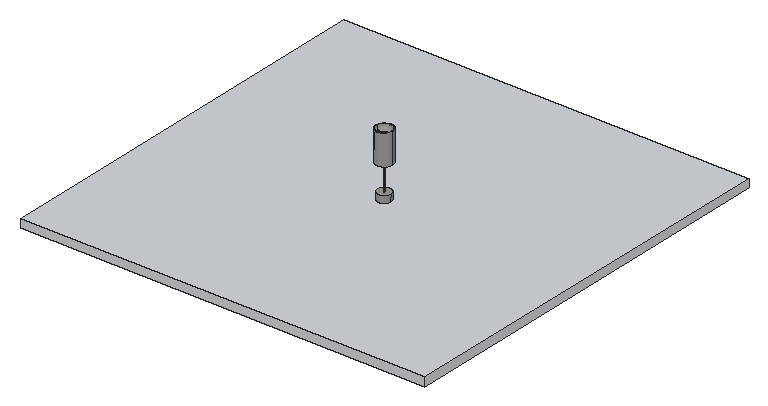
Revit family "LAMP_KOMBIC 100 SURFACE 2000 CRI80 OPAL DALI", category Luminarias, Revit 2018
Family settings
  Anfitrión = Cara
  Cota de conector redondo = Diámetro de uso
  Tipo de pieza = Normal
  Corte con vacíos al cargar = No
  Origen de luz = Sí
  Compartido = No
  Punto de cálculo de habitación = No
Parameters (values of type "1392LM 3000K DALI M/B")
  Ángulo de inclinación = -90.00°
  Weight = 0.72 kg
  UGR = ""
  Type = "COB PHILIPS"
  Protection rating = "IP40"
  Product datasheet = "http://www.lamp.es/product-files/TECH/K11SF2040OP830DMB-EN.pdf"
  Product code = "K11SF2040OP830DMB"
  Product URL = "https://www.lamp.es/en/family/kombic-surface_474354"
  Power Supply = "220-240V 50/60Hz"
  Power = 12 W
  Plum = 13.7 W
  Modelo = Product code  # "K11SF2040OP830DMB"
  Model explanation = "Possibility of chossing between surface or suspended within the model"
  Material reflector = LAMP_PC Reflector Kombic Metalizado Mate
  Material floron = LAMP_Plástico genérico NG
  Material difusor = LAMP_PMMA Difusor Kombic
  Material cuerpo = LAMP_Plástico genérico NG
  Material cable suspension = LAMP_Acero genérico
  Manufacturer name = "LAMP"
  Manufacturer country = "Spain"
  Manufacturer URL = "http://www.lamp.es/en"
  MacAdam = "3"
  Luminaire type = "Suspended"
  Last update = "23/07/2021"
  Lamp = "COB LED"
  LED Lifetime = "50.000 L80 B10"
  Insulation class = "I"
  Installation instructions = "https://www.lamp.es/product-files/packed/by-family/474354_INS_all.zip"
  IEE = "A+"
  Height suspension [instance] = 200 mm
  Height distance [instance] = if(Surface, 0.1 mm, if(Ceiling rose, if(Height suspension > 38 mm, if(Height suspension < 2000 mm, Height suspension, 2000 mm), 38 mm), 37 mm))  # 200 mm
  Wattage = 13.7 W
  built-in parameter 1150107 = 3000 (stored number, unit not read)
  Surface [instance] = no
  built-in parameter 1150110 = 1 (stored number, unit not read)
  built-in parameter 1150109 = 1 (stored number, unit not read)
  built-in parameter 1150112 = 1 (stored number, unit not read)
  built-in parameter 1150113 = 1 (stored number, unit not read)
  built-in parameter 1114218 = 1 (stored number, unit not read)
  built-in parameter 1150137 = (empty or 0)
  built-in parameter 1150132 = 2
  built-in parameter 1150105 = 1245.5 (stored number, unit not read)
  built-in parameter 1150102 = (empty or 0)
  built-in parameter 1150106 = 12.455 (stored number, unit not read)
  Height = 180 mm
  Gear = "Electronic"
  Lumens = 1391.92 lm
  Finish = "Matte black RAL 9011"
  Color Filter = 16777215
  built-in parameter 1114217 = 1 (stored number, unit not read)
  built-in parameter 1150139 = (empty or 0)
  Fabricante = Manufacturer name  # "LAMP"
  Default Elevation = 1219.2 mm
  built-in parameter 1150104 = 9.4389 (stored number, unit not read)
  Efficacy = 101.6 lm/W
  Diameter = 100 mm
  built-in parameter 1150115 = 1 (stored number, unit not read)
  built-in parameter 1150114 = 1 (stored number, unit not read)
  built-in parameter 1150138 = (empty or 0)
  built-in parameter 1150134 = (empty or 0)
  Ceiling rose [instance] = not(Surface)  # yes
  Dimming Lamp Color Temperature Shift = (empty or 0)
  CRI = "80"
  Archivo de red fotométrica = "K11SF2040OP830NMB.IES"
  built-in parameter 1150133 = 10 (stored number, unit not read)
Types (12, lengths in mm): name | Product datasheet | Product code | Modelo | Material reflector | Material floron | Material cuerpo | built-in parameter 1150107 | built-in parameter 1150105 | built-in parameter 1150106 | Lumens | Finish | built-in parameter 1150104 | Efficacy | built-in parameter 1150134 | Archivo de red fotométrica
  1392LM 3000K DALI M/B | "http://www.lamp.es/product-files/TECH/K11SF2040OP830DMB-EN.pdf" | "K11SF2040OP830DMB" | "K11SF2040OP830DMB" | LAMP_PC Reflector Kombic Metalizado Mate | LAMP_Plástico genérico NG | LAMP_Plástico genérico NG | 3000 (stored number, unit not read) | 1245.5 (stored number, unit not read) | 12.455 (stored number, unit not read) | 1391.92 lm | "Matte black RAL 9011" | 9.4389 (stored number, unit not read) | 101.6 lm/W | (empty or 0) | "K11SF2040OP830NMB.IES"
  1392LM 3000K DALI M/W | "http://www.lamp.es/product-files/TECH/K11SF2040OP830DMW-EN.pdf" | "K11SF2040OP830DMW" | "K11SF2040OP830DMW" | LAMP_PC Reflector Kombic Metalizado Mate | LAMP_Plástico genérico BL | LAMP_Plástico genérico BL | 3000 (stored number, unit not read) | 1245.5 (stored number, unit not read) | 12.455 (stored number, unit not read) | 1391.92 lm | "Matte Traffic white RAL 9016" | 9.4389 (stored number, unit not read) | 101.6 lm/W | (empty or 0) | "K11SF2040OP830NMW.IES"
  1454LM 3000K DALI W/B | "http://www.lamp.es/product-files/TECH/K11SF2040OP830DWB-EN.pdf" | "K11SF2040OP830DWB" | "K11SF2040OP830DWB" | LAMP_PC Reflector Kombic Blanco | LAMP_Plástico genérico NG | LAMP_Plástico genérico NG | 3000 (stored number, unit not read) | 1300.7 (stored number, unit not read) | 13.007 (stored number, unit not read) | 1453.57 lm | "Matte black RAL 9011" | 9.857 (stored number, unit not read) | 106.1 lm/W | (empty or 0) | "K11SF2040OP830NWB.IES"
  1454LM 3000K DALI W/W | "http://www.lamp.es/product-files/TECH/K11SF2040OP830DWW-EN.pdf" | "K11SF2040OP830DWW" | "K11SF2040OP830DWW" | LAMP_PC Reflector Kombic Blanco | LAMP_Plástico genérico BL | LAMP_Plástico genérico BL | 3000 (stored number, unit not read) | 1300.7 (stored number, unit not read) | 13.007 (stored number, unit not read) | 1453.57 lm | "Matte Traffic white RAL 9016" | 9.857 (stored number, unit not read) | 106.1 lm/W | (empty or 0) | "K11SF2040OP830NWW.IES"
  1460LM 3000K DALI BR/B | "http://www.lamp.es/product-files/TECH/K11SF2040OP830DRB-EN.pdf" | "K11SF2040OP830DRB" | "K11SF2040OP830DRB" | LAMP_PC Reflector Kombic Metalizado Brillante | LAMP_Plástico genérico NG | LAMP_Plástico genérico NG | 3000 (stored number, unit not read) | 1306.8 (stored number, unit not read) | 13.068 (stored number, unit not read) | 1460.42 lm | "Matte black RAL 9011" | 9.9035 (stored number, unit not read) | 106.6 lm/W | (empty or 0) | "K11SF2040OP830NRB.IES"
  1460LM 3000K DALI BR/W | "http://www.lamp.es/product-files/TECH/K11SF2040OP830DRW-EN.pdf" | "K11SF2040OP830DRW" | "K11SF2040OP830DRW" | LAMP_PC Reflector Kombic Metalizado Brillante | LAMP_Plástico genérico BL | LAMP_Plástico genérico BL | 3000 (stored number, unit not read) | 1306.8 (stored number, unit not read) | 13.068 (stored number, unit not read) | 1460.42 lm | "Matte Traffic white RAL 9016" | 9.9035 (stored number, unit not read) | 106.6 lm/W | (empty or 0) | "K11SF2040OP830NRW.IES"
  1474LM 4000K DALI M/B | "http://www.lamp.es/product-files/TECH/K11SF2040OP840DMB-EN.pdf" | "K11SF2040OP840DMB" | "K11SF2040OP840DMB" | LAMP_PC Reflector Kombic Metalizado Mate | LAMP_Plástico genérico NG | LAMP_Plástico genérico NG | 4000 (stored number, unit not read) | 1319.1 (stored number, unit not read) | 13.191 (stored number, unit not read) | 1474.12 lm | "Matte black RAL 9011" | 9.9964 (stored number, unit not read) | 107.6 lm/W | 12 | "K11SF2040OP840NMB.IES"
  1474LM 4000K DALI M/W | "http://www.lamp.es/product-files/TECH/K11SF2040OP840DMW-EN.pdf" | "K11SF2040OP840DMW" | "K11SF2040OP840DMW" | LAMP_PC Reflector Kombic Metalizado Mate | LAMP_Plástico genérico BL | LAMP_Plástico genérico BL | 4000 (stored number, unit not read) | 1319.1 (stored number, unit not read) | 13.191 (stored number, unit not read) | 1474.12 lm | "Matte Traffic white RAL 9016" | 9.9964 (stored number, unit not read) | 107.6 lm/W | 12 | "K11SF2040OP840NMW.IES"
  1541LM 4000K DALI W/B | "http://www.lamp.es/product-files/TECH/K11SF2040OP840DWB-EN.pdf" | "K11SF2040OP840DWB" | "K11SF2040OP840DWB" | LAMP_PC Reflector Kombic Blanco | LAMP_Plástico genérico NG | LAMP_Plástico genérico NG | 4000 (stored number, unit not read) | 1379.2 (stored number, unit not read) | 13.792 (stored number, unit not read) | 1541.25 lm | "Matte black RAL 9011" | 10.452 (stored number, unit not read) | 112.5 lm/W | 12 | "K11SF2040OP840NWB.IES"
  1541LM 4000K DALI W/W | "http://www.lamp.es/product-files/TECH/K11SF2040OP840DWW-EN.pdf" | "K11SF2040OP840DWW" | "K11SF2040OP840DWW" | LAMP_PC Reflector Kombic Blanco | LAMP_Plástico genérico BL | LAMP_Plástico genérico BL | 4000 (stored number, unit not read) | 1379.2 (stored number, unit not read) | 13.792 (stored number, unit not read) | 1541.25 lm | "Matte Traffic white RAL 9016" | 10.452 (stored number, unit not read) | 112.5 lm/W | 12 | "K11SF2040OP840NWW.IES"
  1547LM 4000K DALI BR/B | "http://www.lamp.es/product-files/TECH/K11SF2040OP840DRB-EN.pdf" | "K11SF2040OP840DRB" | "K11SF2040OP840DRB" | LAMP_PC Reflector Kombic Metalizado Brillante | LAMP_Plástico genérico NG | LAMP_Plástico genérico NG | 4000 (stored number, unit not read) | 1384.1 (stored number, unit not read) | 13.841 (stored number, unit not read) | 1546.73 lm | "Matte black RAL 9011" | 10.489 (stored number, unit not read) | 112.9 lm/W | 12 | "K11SF2040OP840NRB.IES"
  1547LM 4000K DALI BR/W | "http://www.lamp.es/product-files/TECH/K11SF2040OP840DRW-EN.pdf" | "K11SF2040OP840DRW" | "K11SF2040OP840DRW" | LAMP_PC Reflector Kombic Metalizado Brillante | LAMP_Plástico genérico BL | LAMP_Plástico genérico BL | 4000 (stored number, unit not read) | 1384.1 (stored number, unit not read) | 13.841 (stored number, unit not read) | 1546.73 lm | "Matte Traffic white RAL 9016" | 10.489 (stored number, unit not read) | 112.9 lm/W | 12 | "K11SF2040OP840NRW.IES"
Reference planes
  plane 1 "Centro (Frontal/Posterior)": y = 0
  plane 2: z = 0
  plane 3 "Centro (Izquierda/Derecha)": x = 0
Forms (mm)
  Extrusion 1, solid
    sketch origin (0, 0, 0) x (1, 0, 0) y (0, 1, 0)
      loop
        line (-1219.2, 1219.2) -> (-1219.2, -1219.2) -> (1219.2, -1219.2) -> (1219.2, 1219.2) -> (-1219.2, 1219.2)
    from 0 to -50
  Extrusion 2, solid, material "LAMP_Plástico genérico NG" <- "Material cuerpo"
    sketch origin (0, 0, 0) x (1, 0, 0) y (0, 1, 0)
      loop
        circle (0, 0) r 50
    from 200 to 380
  Extrusion 3, void
    sketch origin (0, 0, 0) x (1, 0, 0) y (0, 1, 0)
      loop
        circle (0, 0) r 48
    from 270.588 to 380
  Sweep 4, solid, material "LAMP_PC Reflector Kombic Metalizado Mate" <- "Material reflector"
    path origin (105.103, -251.845, 380) x (1, 0, 0) y (0, 1, 0)
      loop
        circle (-105.103, 251.959) r 48
    profile origin (0, 48.114, 380) x (0, -1, 0) y (0, 0, 1)
      loop
        arc (0, 0) -> (6.616, -20.646) -> (24, -33.6) r 35.52
        line (24, -33.6) -> (24, -32.6)
        arc (24, -32.6) -> (7.196, -20.217) -> (2, 0) r 31.112
        line (2, 0) -> (0, 0)
  Extrusion 5, solid, material "LAMP_PMMA Difusor Kombic" <- "Material difusor"
    sketch origin (0, 0, 0) x (1, 0, 0) y (0, 1, 0)
      loop
        circle (0, 0) r 24
    from 346.4 to 347.4
  Extrusion 6, solid, material "LAMP_Plástico genérico NG" <- "Material floron", visible <- "Ceiling rose"
    sketch origin (0, 0, 0) x (1, 0, 0) y (0, 1, 0)
      loop
        circle (0, 0) r 42
    from 0 to 37
  Extrusion 7, solid, material "LAMP_Acero genérico" <- "Material cable suspension", visible <- "Ceiling rose"
    sketch origin (0, 0, 0) x (1, 0, 0) y (0, 1, 0)
      loop
        circle (0, 0) r 1
    from 37 to 200
Cuts and joins
  Extrusion 3 cuts Extrusion 2
Text (mm)
  text "Any modification of the parameters and properties of the LAMP BIM models must be executed and validated by the LAMP technical department.\nPhone: +34 93 736 68 00\nE-mail: lamp@lamp.es\n\nLAMP reserves the right to modify the technical specifications of its products." at (1856.491, -4316.333, -2622.127), in view "Preview"
Dimensions and locks
  "Height distance": Extrusion 2 to Extrusion 1
  locked: Extrusion 2 to Extrusion 2 at 180
  locked: cut or joined group of Extrusion 2, Extrusion 3 to cut or joined group of Extrusion 2, Extrusion 3 at 109.412
  aligned and locked: plane 2 to Extrusion 1
  aligned and locked: level to Extrusion 1
  aligned and locked: Extrusion 2 to Extrusion 3
  aligned and locked: cut or joined group of Extrusion 2, Extrusion 3 to Sweep 4 sketch curve
  aligned and locked: Sweep 4 to Extrusion 5
  aligned and locked: Extrusion 5 to Sweep 4
  aligned and locked: Extrusion 7 to Extrusion 6
  aligned and locked: Extrusion 7 to cut or joined group of Extrusion 2, Extrusion 3
  aligned and locked: imposter light to cut or joined group of Extrusion 2, Extrusion 3
Automatic sketch dimensions
  Extrusion 1 sketch curve to Extrusion 1 sketch curve = 2438.4 mm  (x2)
  plane 1 "Centro (Frontal/Posterior)" to Extrusion 2 sketch curve = 0 mm
  Extrusion 2 sketch curve to plane 3 "Centro (Izquierda/Derecha)" = 0 mm
  plane 1 "Centro (Frontal/Posterior)" to Extrusion 3 sketch curve = 0 mm
  Extrusion 3 sketch curve to plane 3 "Centro (Izquierda/Derecha)" = 0 mm
  Sweep 4 sketch curve to Sweep 4 sketch curve = 2 mm
  Sweep 4 sketch curve to Sweep 4 sketch curve = 2.536 mm
  Sweep 4 sketch curve to Sweep 4 sketch curve = 2.814 mm
  Sweep 4 sketch curve to profile plane = 24 mm
  Sweep 4 sketch curve to Sweep 4 sketch curve = 8.984 mm
  Sweep 4 sketch curve to profile plane = 0 mm
  plane 1 "Centro (Frontal/Posterior)" to Extrusion 5 sketch curve = 0 mm
  Extrusion 5 sketch curve to plane 3 "Centro (Izquierda/Derecha)" = 0 mm
  plane 1 "Centro (Frontal/Posterior)" to Extrusion 6 sketch curve = 0 mm
  Extrusion 6 sketch curve to plane 3 "Centro (Izquierda/Derecha)" = 0 mm
  plane 1 "Centro (Frontal/Posterior)" to Extrusion 7 sketch curve = 0 mm
  Extrusion 7 sketch curve to plane 3 "Centro (Izquierda/Derecha)" = 0 mm
  radius of Extrusion 2 sketch curve = 50 mm
  radius of Extrusion 3 sketch curve = 48 mm
  radius of Sweep 4 sketch curve = 48 mm
  radius of Extrusion 5 sketch curve = 24 mm
  radius of Extrusion 6 sketch curve = 42 mm
  radius of Extrusion 7 sketch curve = 1 mm
Connectors
  electrical at (0, 0, 200)
    settings: on cut or joined group of Extrusion 2, Extrusion 3, index 1, voltage 230 V, apparent load 0 VA, apparent load phase1 0 VA, apparent load phase2 0 VA, apparent load phase3 0 VA, power factor 1, load classification "Otro", number of poles 1, system type 31, power factor state 1, is connector primary yes, connector utility no, sub classification motor no, connector description ""
